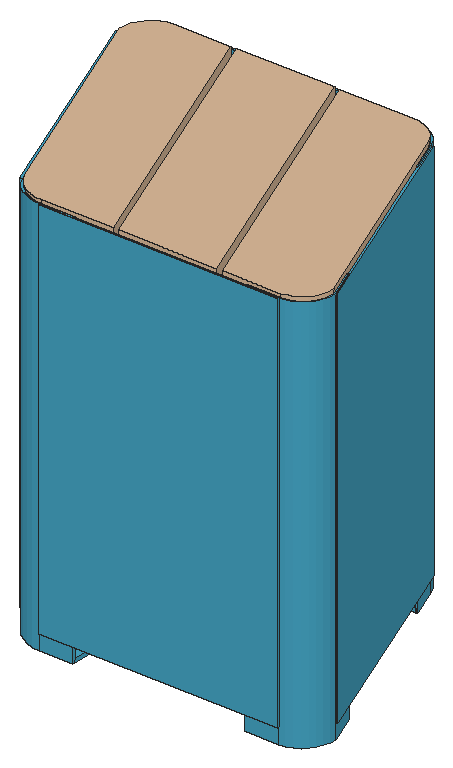
Revit family "product code 61502-S-L", category Meble, Revit 2021
Family settings
  Numer OmniClass = 23.40.20.00
  Tytuł OmniClass = General Furniture and Specialties
  Oparty na płaszczyźnie roboczej = Nie
  Zawsze pionowo = Tak
  Tnij formami wycięć po wczytaniu = Nie
  Współdzielony = Nie
  Punkt obliczania pomieszczeń = Nie
Parameters (values of type "61502-S-L")
  wood = Kobenhagen Wood - Larch
  metal = Kobenhagen RAL 5012
  Width = "44 cm"
  Weight = "35 kg"
  URL = "https://kobenhagen.com/en_US/p/Kdbyen-High-Stool/174"
  Product line = "Kødbyen"
  Product Groups = "Stools"
  Producent = "Lars Laj"
  Keynote = ""
  Opis = "Kødbyen High Stool"
  Model = "61502-S-L"
  Material = "Larch, stainless steel, powder coated steel"
  Maintenance = "We recommend to examine and tighten all screws and bolt clamps after a few weeks’ use. In order to prevent cracks and to extend the life of the wood, it is recommended that the wood details should be oiled every 3-5 years."
  Lenght = "60 cm"
  Type Comments = ""
  Kobenhagen Materials = "larslaj.com/bim"
  Hosted on larslaj.com = "https://larslaj.com/bim"
  Height = "60 cm"
  Domyślna rzędna = 0 mm
  Copyright = "All designs and drawings are the intellectual property of Lars Laj A/S and are protected by Danish and international copyright laws."
Reference planes
  plane 1 "front": y = 0
  plane 2: z = 0
  plane 3 "Środek (Lewa/Prawa)": x = 0
  plane 4 "left": x = -196.25
  plane 5 "right": x = 195.938
  plane 6 "back": y = 400
  plane 7: x = -136.25
  plane 8: x = 135.937
  plane 9: z = 706.5
Forms (mm)
  Extrusion 1, solid, material "Kobenhagen RAL 5012" <- "metal", not visible
    sketch origin (0, 0, 0) x (0, 1, 0) y (0, 0, 1)
      loop
        arc (71.187, 451.5) -> (57.045, 445.642) -> (51.187, 431.5) r 20
        line (51.187, 431.5) -> (51.187, 18.231)
        arc (51.187, 18.231) -> (56.527, 5.34) -> (69.418, 0) r 18.231
        line (69.418, 0) -> (153.638, 0) -> (153.638, 15) -> (448.638, 15) -> (448.638, 0) -> (527.023, 0)
        arc (527.023, 0) -> (542.307, 6.331) -> (548.638, 21.615) r 21.615
        line (548.638, 21.615) -> (548.638, 429.407)
        arc (548.638, 429.407) -> (542.168, 445.029) -> (526.545, 451.5) r 22.093
        line (526.545, 451.5) -> (71.187, 451.5)
    from 750.378 to 745
  Extrusion 2, solid, material "Kobenhagen RAL 5012" <- "metal", not visible
    sketch origin (0, 0, 0) x (0, 1, 0) y (0, 0, 1)
      loop
        line (548.638, 396.844) -> (629.375, 854.725) -> (601.836, 859.581)
        arc (601.836, 859.581) -> (585.224, 855.898) -> (576.082, 841.547) r 22.232
        line (576.082, 841.547) -> (507.306, 451.5) -> (526.545, 451.5)
        arc (526.545, 451.5) -> (542.168, 445.029) -> (548.638, 429.407) r 22.093
        line (548.638, 429.407) -> (548.638, 396.844)
    from 745 to 750.378
  Extrusion 3, solid, material "Kobenhagen RAL 5012"
    sketch origin (-795, 0, 0) x (1, 0, 0) y (0, 1, 0)
      loop
        arc (505.591, 355.702) -> (516.749, 387.774) -> (547.516, 402.145) r 43.652
        line (547.516, 402.145) -> (598.37, 402.044) -> (598.37, 405.144) -> (547.466, 405.145)
        arc (547.466, 405.145) -> (514.427, 389.6) -> (502.629, 355.044) r 46.771
        line (502.629, 355.044) -> (520.713, 308.057) -> (523.905, 308.057) -> (505.591, 355.702)
      loop
        line (856.512, 402.053) -> (906.512, 402.053)
        arc (906.512, 402.053) -> (937.274, 392.962) -> (958.154, 368.611) r 56.594
        line (958.154, 368.611) -> (976.233, 321.636) -> (979.447, 321.636) -> (960.925, 369.763)
        arc (960.925, 369.763) -> (938.94, 395.458) -> (906.512, 405.053) r 59.594
        line (906.512, 405.053) -> (856.512, 405.053) -> (856.512, 402.053)
      loop
        line (1072.299, 72.08) -> (1090.613, 24.434)
        arc (1090.613, 24.434) -> (1079.454, -7.638) -> (1048.688, -22.008) r 43.652
        line (1048.688, -22.008) -> (997.834, -21.907) -> (997.834, -24.907) -> (1048.578, -25.014)
        arc (1048.578, -25.014) -> (1081.724, -9.522) -> (1093.574, 25.093) r 46.771
        line (1093.574, 25.093) -> (1075.491, 72.08) -> (1072.299, 72.08)
      loop
        line (619.971, 58.501) -> (616.757, 58.501) -> (635.279, 10.374)
        arc (635.279, 10.374) -> (657.264, -15.322) -> (689.692, -24.916) r 59.594
        line (689.692, -24.916) -> (739.692, -24.916) -> (739.692, -21.916) -> (689.692, -21.916)
        arc (689.692, -21.916) -> (658.929, -12.826) -> (638.05, 11.526) r 56.594
        line (638.05, 11.526) -> (619.971, 58.501)
    from 0 to 600
  Extrusion 4, solid, material "Kobenhagen RAL 5012"
    sketch origin (-795, 0, 0) x (1, 0, 0) y (0, 1, 0)
      loop
        line (689.692, -24.916) -> (689.692, -27.907) -> (1048.739, -27.907) -> (1048.739, -24.916) -> (689.692, -24.916)
      loop
        line (635.279, 10.374) -> (502.629, 355.044) -> (499.83, 353.966) -> (632.479, 9.296) -> (635.279, 10.374)
      loop
        line (906.512, 405.145) -> (906.512, 408.145) -> (547.465, 408.145) -> (547.465, 405.145) -> (906.512, 405.145)
      loop
        line (960.925, 369.763) -> (1093.574, 25.093) -> (1096.374, 26.17) -> (963.725, 370.84) -> (960.925, 369.763)
    from 23.5 to 600
  Extrusion 5, solid, material "Kobenhagen RAL 5012"
    sketch origin (-795, 0, 0) x (1, 0, 0) y (0, 1, 0)
      loop
        line (598.37, 308.057) -> (598.37, 402.044) -> (547.516, 402.145)
        arc (547.516, 402.145) -> (516.749, 387.774) -> (505.591, 355.702) r 43.652
        line (505.591, 355.702) -> (523.905, 308.057) -> (598.37, 308.057)
      loop
        line (856.512, 402.053) -> (856.512, 321.636) -> (976.233, 321.636) -> (958.154, 368.611)
        arc (958.154, 368.611) -> (937.274, 392.962) -> (906.512, 402.053) r 56.594
        line (906.512, 402.053) -> (856.512, 402.053)
      loop
        line (1072.299, 72.08) -> (997.834, 72.08) -> (997.834, -21.907) -> (1048.688, -22.008)
        arc (1048.688, -22.008) -> (1079.454, -7.638) -> (1090.613, 24.434) r 43.652
        line (1090.613, 24.434) -> (1072.299, 72.08)
      loop
        line (739.692, 58.501) -> (619.971, 58.501) -> (638.05, 11.526)
        arc (638.05, 11.526) -> (658.929, -12.826) -> (689.692, -21.916) r 56.594
        line (689.692, -21.916) -> (739.692, -21.916) -> (739.692, 58.501)
    from 0 to 5.557
  Extrusion 6, solid, material "Kobenhagen RAL 5012"
    sketch origin (-795, 0, 0) x (1, 0, 0) y (0, 1, 0)
      loop
        line (505.504, 359.145) -> (961.797, 359.145) -> (958.154, 368.611)
        arc (958.154, 368.611) -> (937.274, 392.962) -> (906.512, 402.053) r 56.594
        line (906.512, 402.053) -> (545.883, 402.053)
        arc (545.883, 402.053) -> (517.362, 388.439) -> (505.504, 359.145) r 43.652
      loop
        line (689.692, -22.008) -> (1048.688, -22.008)
        arc (1048.688, -22.008) -> (1078.275, -8.893) -> (1090.7, 20.992) r 43.652
        line (1090.7, 20.992) -> (634.407, 20.992) -> (638.05, 11.526)
        arc (638.05, 11.526) -> (658.929, -12.826) -> (689.692, -21.916) r 56.594
    from 524.5 to 526
  Extrusion 7, solid, material "Kobenhagen Wood - Larch" <- "wood"
    sketch origin (-795, 0, 0) x (1, 0, 0) y (0, 1, 0)
      loop
        line (643.094, 402.12) -> (806.3, -21.946) -> (953.096, -21.946) -> (789.89, 402.12) -> (643.094, 402.12)
      loop
        line (798.477, 402.081) -> (961.683, -21.986) -> (1049.201, -21.986)
        arc (1049.201, -21.986) -> (1079.626, -7.446) -> (1090.613, 24.434) r 43.652
        line (1090.613, 24.434) -> (958.154, 368.611)
        arc (958.154, 368.611) -> (937.274, 392.962) -> (906.512, 402.053) r 56.594
        line (906.512, 402.053) -> (798.477, 402.081)
      loop
        line (505.591, 355.702) -> (638.05, 11.526)
        arc (638.05, 11.526) -> (658.929, -12.826) -> (689.692, -21.916) r 56.594
        line (689.692, -21.916) -> (797.716, -21.916) -> (634.579, 401.972) -> (547.516, 402.145)
        arc (547.516, 402.145) -> (516.749, 387.774) -> (505.591, 355.702) r 43.652
    from 571 to 605.11
  Extrusion 8, solid, material "Kobenhagen Wood - Larch" <- "wood"
    sketch origin (-795, 0, 0) x (1, 0, 0) y (0, 1, 0)
      loop
        line (505.504, 359.145) -> (961.797, 359.145) -> (958.154, 368.611)
        arc (958.154, 368.611) -> (937.274, 392.962) -> (906.512, 402.053) r 56.594
        line (906.512, 402.053) -> (545.883, 402.053)
        arc (545.883, 402.053) -> (517.362, 388.439) -> (505.504, 359.145) r 43.652
      loop
        line (689.692, -22.008) -> (1048.688, -22.008)
        arc (1048.688, -22.008) -> (1078.275, -8.893) -> (1090.7, 20.992) r 43.652
        line (1090.7, 20.992) -> (634.407, 20.992) -> (638.05, 11.526)
        arc (638.05, 11.526) -> (658.929, -12.826) -> (689.692, -21.916) r 56.594
    from 526 to 571
Lines and regions (mm)
  model lines, style "9"
    curve 1: line (264.233, -399.489, 0) -> (264.233, -405.489, 0)
    curve 2: line (-304.767, -399.489, 0) -> (-304.767, -405.489, 0)
    curve 3: line (-281.767, -399.489, 0) -> (-281.767, -405.489, 0)
    curve 4: arc (253.739, -25.008, 0) -> (286.822, -9.502, 0) -> (298.574, 25.093, 0) r 46.637
    curve 5: line (203.824, -24.907, 0) -> (253.739, -25.008, 0)
    curve 6: line (298.574, 25.093, 0) -> (280.491, 72.08, 0)
Dimensions and locks
  aligned and locked: level to plane 2
